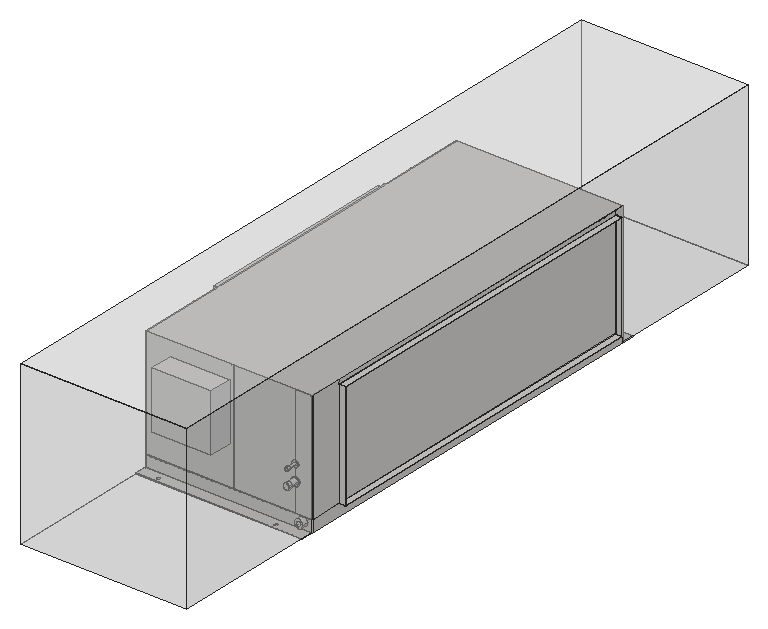
Revit family "outputfile", category 機械設備, Revit 2024 (continued)
Definition of nested family "daikin_rightpanel_FDR-QY14"
  Dimensions and locks
    locked: Extrusion 9 sketch curve to Extrusion 9 sketch curve at 313
    locked: Extrusion 9 sketch curve to Extrusion 9 sketch curve at 42
    locked: Extrusion 10 sketch curve to Extrusion 10 sketch curve at 82
    locked: Extrusion 10 sketch curve to plane 2 "Bottom" at 61
    locked: Extrusion 11 sketch curve to plane 8 at 19
    locked: Extrusion 11 sketch curve to plane 2 "Bottom" at 61
    "ld_liquidpipe": plane 16 to plane 1 "Center (Front/Back)"
    "ld_gaspipe": plane 17 "ld_g" to plane 1 "Center (Front/Back)"
    "内径_liquidpipe": diameter of Extrusion 12 sketch curve
    "外径_liquidpipe": diameter of Extrusion 13 sketch curve
    "内径_gaspipe": diameter of Extrusion 14 sketch curve
    "外径_gaspipe": diameter of Extrusion 15 sketch curve
    aligned and locked: level to plane 2 "Bottom"
    aligned and locked: Extrusion 1 sketch curve to plane 9
    aligned and locked: Extrusion 1 sketch curve to plane 7
    aligned and locked: plane 10 to Extrusion 1 sketch curve
    aligned and locked: Extrusion 1 sketch curve to plane 8
    aligned and locked: Extrusion 1 to plane 11
    aligned and locked: Extrusion 1 to plane 1 "Center (Front/Back)"
    aligned and locked: Extrusion 2 sketch curve to plane 6
    aligned and locked: Extrusion 2 sketch curve to plane 5
    aligned and locked: Extrusion 3 sketch curve to plane 6
    aligned and locked: plane 4 to Extrusion 3 sketch curve
    aligned and locked: plane 13 "lh_l" to Extrusion 4 sketch curve
    aligned and locked: plane 15 "lw_l" to Extrusion 4 sketch curve
    aligned and locked: plane 12 "lh_g" to Extrusion 5 sketch curve
    aligned and locked: plane 14 "lw_g" to Extrusion 5 sketch curve
    aligned and locked: Extrusion 6 sketch curve to plane 5
    aligned and locked: Extrusion 7 sketch curve to plane 6
    aligned and locked: plane 4 to Extrusion 8 sketch curve
    aligned and locked: Extrusion 9 sketch curve to Extrusion 9 sketch curve
    aligned and locked: Extrusion 9 sketch curve to plane 6
    aligned and locked: Extrusion 9 sketch curve to plane 5
    aligned and locked: Extrusion 10 sketch curve to plane 5
    aligned and locked: Extrusion 10 sketch curve to plane 6
    aligned and locked: Extrusion 11 sketch curve to plane 6
    aligned and locked: plane 4 to Extrusion 11 sketch curve
    aligned and locked: plane 13 "lh_l" to Extrusion 12 sketch curve
    aligned and locked: plane 15 "lw_l" to Extrusion 12 sketch curve
    aligned and locked: Extrusion 12 to plane 1 "Center (Front/Back)"
    aligned and locked: Extrusion 12 to plane 16
    aligned and locked: plane 13 "lh_l" to Extrusion 13 sketch curve
    aligned and locked: plane 15 "lw_l" to Extrusion 13 sketch curve
    aligned and locked: plane 12 "lh_g" to Extrusion 14 sketch curve
    aligned and locked: plane 14 "lw_g" to Extrusion 14 sketch curve
    aligned and locked: Extrusion 14 to plane 17 "ld_g"
    aligned and locked: Extrusion 14 to plane 1 "Center (Front/Back)"
    aligned and locked: plane 12 "lh_g" to Extrusion 15 sketch curve
    aligned and locked: plane 14 "lw_g" to Extrusion 15 sketch curve
    aligned and locked: plane 14 "lw_g" to Extrusion 16 sketch curve
    aligned and locked: plane 12 "lh_g" to Extrusion 16 sketch curve
    aligned and locked: plane 15 "lw_l" to Extrusion 16 sketch curve
    aligned and locked: plane 13 "lh_l" to Extrusion 16 sketch curve
  Automatic sketch dimensions
    radius of Extrusion 4 sketch curve = 16.0 mm
    radius of Extrusion 5 sketch curve = 25.0 mm
    radius of Extrusion 16 sketch curve = 16.0 mm
    radius of Extrusion 16 sketch curve = 21.0 mm
Definition of nested family "daikin_connector_rotate2"
  Parameters (values of type "daikin_connector_rotate2")
    Default Elevation = 1219.2 mm
    show_face = no
    radius [instance] = 10.0 mm
    length [instance] = 600.0 mm
    d_surface = 10.0 mm
    angle_vertical [instance] = 90.00°
  Reference planes
    plane 1 "Center (Front/Back)": y = 0
    plane 2: z = 0
    plane 3 "Center (Left/Right)": x = 0
  Forms (mm)
    Extrusion 1, solid, visible <- "show_face"
      sketch origin (0, -600, 0) x (1, 0, 0) y (0, 0, 1)
        loop
          circle (0, 0) r 10
      from 0 to -10
  Lines and regions (mm)
    reference lines
      curve 1: line (0, 0, 0) -> (0, -600, 0)
    symbolic lines
      curve 2: circle (0, 0, 0) r 5 normal (0, 0, 1)
    model lines, visible <- "show_face"
      curve 3: line (0, 0, 0) -> (0, -600, 0)
  Dimensions and locks
    "length": curve 1 to curve 1
    "length": curve 3 to curve 3
    "d_surface": Extrusion 1 to Extrusion 1
    "radius": radius of Extrusion 1 sketch curve
    "angle_vertical": angle curve 1 to plane 1 "Center (Front/Back)"
    "angle_vertical": angle curve 3 to plane 1 "Center (Front/Back)"
    aligned and locked: level to plane 2
    aligned and locked: plane 1 "Center (Front/Back)" to curve 1
    aligned and locked: plane 2 to curve 1
    aligned and locked: plane 1 "Center (Front/Back)" to curve 2
    aligned and locked: plane 3 "Center (Left/Right)" to curve 2
    aligned and locked: plane 1 "Center (Front/Back)" to curve 3
    aligned and locked: plane 2 to curve 3
    aligned and locked: Extrusion 1 to Extrusion 1
  Automatic sketch dimensions
    Extrusion 1 sketch curve to level = 0.0 mm
    Extrusion 1 sketch curve to plane 3 "Center (Left/Right)" = 0.0 mm
    radius of curve 2 = 5.0 mm
Definition of nested family "daikin_△_symbolicline"
  Parameters (values of type "daikin_△_symbolicline")
    length [instance] = 200.0 mm
    Default Elevation = 0.0 mm
  Reference planes
    plane 1 "Center (Front/Back)": y = 0
    plane 2: z = 0
    plane 3 "Center (Left/Right)": x = 0
  Lines and regions (mm)
    symbolic lines
      curve 1: line (0, -173.205, 0) -> (100, 0, 0)
      curve 2: line (100, 0, 0) -> (-100, 0, 0)
      curve 3: line (-100, 0, 0) -> (0, -173.205, 0)
  Dimensions and locks
    equal spacing: curve 3, plane 3 "Center (Left/Right)", curve 2
    "length": curve 3 to curve 2
    "length": curve 3 to curve 3
    "length": curve 1 to curve 1
    aligned and locked: level to plane 2
    aligned and locked: curve 2 to plane 1 "Center (Front/Back)"
    aligned and locked: plane 3 "Center (Left/Right)" to curve 3
Definition of nested family "daikin_mountinghole"
  Parameters (values of type "daikin_mountinghole")
    Default Elevation = 1219.2 mm
    Type Comments = "mountinghole"
    show [instance] = yes
    material = none
    l_centerline = 100.0 mm
    l_antenna [instance] = 100.0 mm
    h_mountinghole [instance] = 0.0 mm
    d_circle = 30.0 mm
    Link_Nested Family [instance] = ""
  Reference planes
    plane 1 "Center (Front/Back)": y = 0
    plane 2: z = 0
    plane 3 "Center (Left/Right)": x = 0
    plane 4: y = 50
    plane 5: x = -50
    plane 6: x = 50
    plane 7: y = -50
    plane 8 "h_mountinghole": z = 0
    plane 9: z = 100
  Lines and regions (mm)
    model lines, detail levels fine
      curve 1: circle (0, 0, 0) r 15 normal (0, 0, 1)
      curve 2: line (-50, 0, 0) -> (50, 0, 0)
      curve 3: line (0, 50, 0) -> (0, -50, 0)
    symbolic lines, detail levels fine
      curve 4: circle (0, 0, 0) r 15 normal (0, 0, 1)
      curve 5: line (-50, 0, 0) -> (50, 0, 0)
      curve 6: line (0, 50, 0) -> (0, -50, 0)
    model lines
      curve 7: line (0, 0, 100) -> (0, 0, 0)
  Dimensions and locks
    equal spacing: plane 4, plane 1 "Center (Front/Back)", plane 7
    "l_centerline": plane 4 to plane 7
    equal spacing: plane 5, plane 3 "Center (Left/Right)", plane 6
    "l_centerline": plane 5 to plane 6
    "l_antenna": plane 9 to plane 8 "h_mountinghole"
    "h_mountinghole": plane 8 "h_mountinghole" to plane 2
    "d_circle": diameter of curve 1
    "d_circle": diameter of curve 4
    aligned and locked: level to plane 2
    aligned and locked: plane 1 "Center (Front/Back)" to curve 1
    aligned and locked: plane 3 "Center (Left/Right)" to curve 1
    aligned and locked: plane 1 "Center (Front/Back)" to curve 2
    aligned and locked: curve 3 to plane 3 "Center (Left/Right)"
    aligned and locked: plane 6 to curve 2
    aligned and locked: plane 5 to curve 2
    aligned and locked: plane 4 to curve 3
    aligned and locked: plane 7 to curve 3
    aligned and locked: plane 1 "Center (Front/Back)" to curve 4
    aligned and locked: plane 3 "Center (Left/Right)" to curve 4
    aligned and locked: plane 6 to curve 5
    aligned and locked: plane 5 to curve 5
    aligned and locked: plane 1 "Center (Front/Back)" to curve 5
    aligned and locked: plane 4 to curve 6
    aligned and locked: plane 7 to curve 6
    aligned and locked: curve 6 to plane 3 "Center (Left/Right)"
    aligned and locked: curve 7 to plane 3 "Center (Left/Right)"
    aligned and locked: plane 9 to curve 7
    aligned and locked: plane 8 "h_mountinghole" to curve 7
